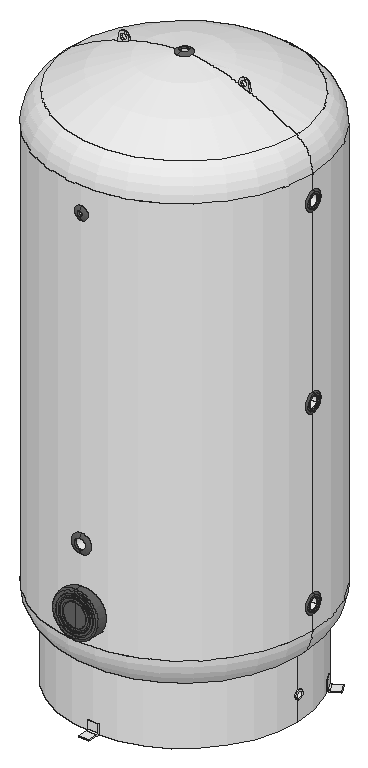
Revit family "MIT 2504 - Accumulation Tank - 2500L", category Specialty Equipment, Revit 2022
Family settings
  Round Connector Dimension = Use Diameter
  Part Type = Normal
  Work Plane-Based = No
  Always vertical = Yes
  Cut with Voids When Loaded = No
  Maintain Annotation Orientation = No
  Shared = No
  Room Calculation Point = No
Parameters
  URL = "https://en.ekinendustriyel.com/accumulation-tanks"
  Model = "MIT - 2504"
  Manufacturer = "Ekin Endüstriyel"
  Keynote = "Accumulation Tank"
  Description = "MIT - Accumulation Tank - 2500L - 10 bar"
  Default Elevation = 0 mm
Reference planes
  plane 1 "Center (Front/Back)": y = 0
  plane 2: z = 0
  plane 3 "Center (Left/Right)": x = 0
Forms (mm)
  Extrusion 1, void
    sketch origin (0, 0, -14.473) x (0, 1, 0) y (0, 0, 1)
      loop
        circle (0, 569.323) r 27.5
      loop
        circle (0, 1468.771) r 27.5
      loop
        circle (0, 2368.086) r 27.5
    from -660.427 to 660
  Extrusion 2, void
    sketch origin (0, 0, -14.473) x (1, 0, 0) y (0, 0, 1)
      loop
        circle (0, 2368.102) r 10.25
      loop
        circle (-0.098, 893.102) r 27.223
    from 574.181 to 649.52
  Sweep 3, solid, material "Ekin Endüstriyel_StainlesSteel", detail levels fine
    path origin (0, 0, -14.473) x (1, 0, 0) y (0, 0, 1)
      loop
        line (573, 138.888) -> (30, 138.888)
        arc (30, 138.888) -> (8.787, 147.675) -> (0, 168.888) r 30
        line (0, 168.888) -> (0, 179.482)
    profile origin (301.5, 0, 124.416) x (0, 0, -1) y (0, -1, 0)
      loop
        circle (0.491, 0) r 19.75
      loop
        circle (0.491, 0) r 16.75
  Extrusion 4, void
    sketch origin (0, 0, -14.473) x (1, 0, 0) y (0, 1, 0)
      loop
        circle (-0.263, 0) r 16.75
    from 2712.932 to 2824.776
  Extrusion 5, solid, material "Ekin Endüstriyel_StainlesSteel", detail levels fine
    sketch origin (0, 0, 352.543) x (1, 0, 0) y (0, 0, 1)
      loop
        circle (-300, 2403.051) r 15
      loop
        arc (-275.38, 2407.392) -> (-300, 2428.051) -> (-324.62, 2407.392) r 25
        line (-324.62, 2407.392) -> (-330.297, 2375.197)
        arc (-330.297, 2375.197) -> (-301.78, 2384.986) -> (-273.031, 2394.074) r 1229.918
        line (-273.031, 2394.074) -> (-275.38, 2407.392)
      loop
        line (330.297, 2375.197) -> (324.62, 2407.392)
        arc (324.62, 2407.392) -> (300, 2428.051) -> (275.38, 2407.392) r 25
        line (275.38, 2407.392) -> (273.031, 2394.074)
        arc (273.031, 2394.074) -> (301.78, 2384.986) -> (330.297, 2375.197) r 1229.918
      loop
        circle (300, 2403.051) r 15
    from -2.5 to 2.5
  Extrusion 6, solid, material "Ekin Endüstriyel_StainlesSteel", detail levels fine
    sketch origin (0.263, -390, -14.473) x (0, 1, 0) y (0, 0, 1)
      loop
        line (-235, 18.473) -> (-235, 14.473) -> (-185, 14.473)
        arc (-185, 14.473) -> (-177.929, 17.402) -> (-175, 24.473) r 10
        line (-175, 24.473) -> (-175, 64.473) -> (-179, 64.473) -> (-179, 24.473)
        arc (-179, 24.473) -> (-180.757, 20.23) -> (-185, 18.473) r 6
        line (-185, 18.473) -> (-235, 18.473)
    from 24.737 to -25.263
  Extrusion 7, solid, material "Ekin Endüstriyel_StainlesSteel", detail levels fine
    sketch origin (337.769, 194.966, -14.473) x (-0.865184, -0.501455, 0) y (0, 0, 1)
      loop
        line (-235, 18.473) -> (-235, 14.473) -> (-185, 14.473)
        arc (-185, 14.473) -> (-177.929, 17.402) -> (-175, 24.473) r 10
        line (-175, 24.473) -> (-175, 64.473) -> (-179, 64.473) -> (-179, 24.473)
        arc (-179, 24.473) -> (-180.757, 20.23) -> (-185, 18.473) r 6
        line (-185, 18.473) -> (-235, 18.473)
    from 24.737 to -25.263
  Extrusion 8, solid, material "Ekin Endüstriyel_StainlesSteel", detail levels fine
    sketch origin (-337.73, 195.034, -14.473) x (0.866864, -0.498545, 0) y (0, 0, 1)
      loop
        line (-235, 18.473) -> (-235, 14.473) -> (-185, 14.473)
        arc (-185, 14.473) -> (-177.929, 17.402) -> (-175, 24.473) r 10
        line (-175, 24.473) -> (-175, 64.473) -> (-179, 64.473) -> (-179, 24.473)
        arc (-179, 24.473) -> (-180.757, 20.23) -> (-185, 18.473) r 6
        line (-185, 18.473) -> (-235, 18.473)
    from 24.737 to -25.263
  Extrusion 9, void
    sketch origin (0, 0, 4.09) x (0, 1, 0) y (0, 0, 1)
      loop
        circle (0, 119.944) r 22
    from 518 to 573
  Revolve 10, solid, material "Ekin Endüstriyel_StainlesSteel", detail levels fine
    sketch origin (0, 0, -14.473) x (1, 0, 0) y (0, 0, 1)
      loop
        line (-562, 14.473) -> (-562, 376.214) -> (-565, 377.968) -> (-565, 14.473) -> (-562, 14.473)
      axis (0, 377.968) -> (0, 14.473)
    angle from 0 to 360
  Extrusion 11, solid, material "Ekin Endüstriyel_Gasket", detail levels medium
    sketch origin (-800, 0, -14.473) x (0, 1, 0) y (0, 0, -1)
      loop
        circle (0, -2368.714) r 47.484
      loop
        circle (0, -1468.771) r 47.484
      loop
        circle (0, -569.964) r 47.484
      loop
        circle (0, -569.323) r 27.5
      loop
        circle (0, -1468.771) r 27.5
      loop
        circle (0, -2368.086) r 27.5
    from -1446.189 to -1441
  Extrusion 12, solid, material "Ekin Endüstriyel_Gasket", detail levels medium
    sketch origin (800, 0, 1531.482) x (1, 0, 0) y (0, 1, 0)
      loop
        circle (-800, 0) r 38.263
      loop
        circle (-800, 0) r 20.238
    from 1262.337 to 1268.821
  Extrusion 13, solid, material "Ekin Endüstriyel_Gasket", detail levels medium
    sketch origin (0, 0, 0) x (1, 0, 0) y (0, 0, 1)
      loop
        circle (0, 878.629) r 47.5
      loop
        circle (0, 2353.629) r 32.5
      loop
        circle (0, 878.629) r 30.25
      loop
        circle (0, 2353.629) r 13.25
    from 641 to 649.52
  Extrusion 14, solid, material "Ekin Endüstriyel_Gasket", detail levels medium
    sketch origin (800, 0, -14.473) x (0, 1, 0) y (0, 0, 1)
      loop
        circle (0, 2368.714) r 47.484
      loop
        circle (0, 1468.771) r 47.484
      loop
        circle (0, 569.964) r 47.484
      loop
        circle (0, 568.102) r 30.25
      loop
        circle (0, 1468.102) r 30.25
      loop
        circle (0, 2368.714) r 27.5
    from -1446.226 to -1441
  Revolve 15, solid, material "Ekin Endüstriyel_StainlesSteel", detail levels medium
    sketch origin (0, 0, -14.473) x (1, 0, 0) y (0, 0, 1)
      loop
        arc (0, 2811.007) -> (-290.215, 2755.751) -> (-558.881, 2632.884) r 1229.918
        arc (-558.881, 2632.884) -> (-618.428, 2570.994) -> (-640.123, 2487.894) r 170
        line (-640.123, 2487.894) -> (-640.123, 448.069)
        arc (-640.123, 448.069) -> (-618.428, 364.969) -> (-558.881, 303.08) r 170
        arc (-558.881, 303.08) -> (-290.215, 180.212) -> (0, 124.957) r 1229.918
        line (0, 124.957) -> (0, 2811.007)
      axis (0, 2811.007) -> (0, 124.957)
    angle from 0 to 360
  Revolve 16, solid, material "Ekin Endüstriyel_Gasket", detail levels fine
    sketch origin (0, -394.1, 273.282) x (0, 1, 0) y (0, 0, 1)
      loop
        line (-220.9, 417.847) -> (-284.233, 416.886)
        arc (-284.233, 416.886) -> (-287.719, 415.395) -> (-289.157, 411.887) r 5
        line (-289.157, 411.887) -> (-289.157, 397.86)
        arc (-289.157, 397.86) -> (-289.59, 396.736) -> (-290.327, 395.783) r 4.164
        arc (-290.327, 395.783) -> (-292.149, 390.728) -> (-290.327, 385.673) r 7.924
        arc (-290.327, 385.673) -> (-289.512, 384.575) -> (-289.097, 383.272) r 4.164
        line (-289.097, 383.272) -> (-289.097, 378.184)
        arc (-289.097, 378.184) -> (-289.512, 376.881) -> (-290.327, 375.783) r 4.164
        arc (-290.327, 375.783) -> (-292.149, 370.728) -> (-290.327, 365.673) r 7.924
        arc (-290.327, 365.673) -> (-289.512, 364.575) -> (-289.097, 363.272) r 4.164
        line (-289.097, 363.272) -> (-289.097, 305.303) -> (-220.9, 305.303) -> (-220.9, 417.847)
      axis (-290.327, 305.303) -> (-220.9, 305.303)
    angle from 0 to 360
  Revolve 17, solid, material "Ekin Endüstriyel_StainlesSteel", detail levels medium
    sketch origin (0, 0, -14.473) x (1, 0, 0) y (0, 0, 1)
      loop
        line (-562, 14.473) -> (-562, 341.246) -> (-565, 343) -> (-565, 14.473) -> (-562, 14.473)
      axis (0, 343) -> (0, 14.473)
    angle from 0 to 360
  Extrusion 18, solid, material "Ekin Endüstriyel_Gasket", detail levels coarse
    sketch origin (-800, 0, -14.473) x (0, 1, 0) y (0, 0, -1)
      loop
        circle (0, -2368.714) r 47.484
      loop
        circle (0, -1468.771) r 47.484
      loop
        circle (0, -569.964) r 47.484
    from -1446.189 to -1441
  Extrusion 19, solid, material "Ekin Endüstriyel_Gasket", detail levels coarse
    sketch origin (800, 0, 1531.482) x (1, 0, 0) y (0, 1, 0)
      loop
        circle (-800, 0) r 38.263
    from 1262.337 to 1268.821
  Extrusion 20, solid, material "Ekin Endüstriyel_Gasket", detail levels coarse
    sketch origin (0, 0, 0) x (1, 0, 0) y (0, 0, 1)
      loop
        circle (0, 878.629) r 47.5
      loop
        circle (0, 2353.629) r 32.5
    from 641 to 649.52
  Extrusion 21, solid, material "Ekin Endüstriyel_Gasket", detail levels coarse
    sketch origin (800, 0, -14.473) x (0, 1, 0) y (0, 0, 1)
      loop
        circle (0, 2368.714) r 47.484
      loop
        circle (0, 1468.771) r 47.484
      loop
        circle (0, 569.964) r 47.484
    from -1446.226 to -1441
  Extrusion 22, solid, material "Ekin Endüstriyel_Gasket", detail levels coarse+medium
    sketch origin (1000, 0, 102.866) x (1, 0, 0) y (0, 0, 1)
      loop
        circle (-1000, 475.764) r 112.5
    from 614.965 to 686.517
  Extrusion 23, solid, material "Ekin Endüstriyel_StainlesSteel", detail levels coarse
    sketch origin (-1000, 0, 0) x (1, 0, 0) y (0, 1, 0)
      loop
        circle (1000, 0) r 565
    from 0 to 234.966
  Extrusion 24, solid, material "Ekin Endüstriyel_StainlesSteel", detail levels coarse
    sketch origin (-1000, 0, 0) x (1, 0, 0) y (0, 1, 0)
      loop
        circle (1000, 0) r 640
    from 234.966 to 2793.82
  Extrusion 25, solid, material "Ekin Endüstriyel_StainlesSteel", detail levels medium
    sketch origin (313, 0, 124.838) x (0, 0, 1) y (0, -1, 0)
      loop
        circle (-0.491, 0) r 16.75
      loop
        circle (-0.491, 0) r 19.75
    from 260 to 252.704
  Extrusion 26, solid, material "Ekin Endüstriyel_StainlesSteel", detail levels coarse
    sketch origin (313, 0, 124.526) x (0, 0, 1) y (0, -1, 0)
      loop
        circle (-0.491, 0) r 19.75
    from 260 to 252.704
  Revolve 27, solid, material "Ekin Endüstriyel_Gasket", detail levels fine
    sketch origin (0, -871.241, 2503.751) x (0, 0, -1) y (0, 1, 0)
      loop
        arc (-297.674, 851.07) -> (-295.84, 841.239) -> (-290.069, 833.071) r 23.397
        line (-290.069, 833.071) -> (-290.069, 851.07) -> (-297.674, 851.07)
      axis (-297.674, 871.288) -> (-290.069, 871.288)
    angle from 0 to 360
  Revolve 28, solid, material "Ekin Endüstriyel_Gasket", detail levels fine
    sketch origin (-0.078, -350.834, 1480.837) x (0, 1, 0) y (0, 0, -1)
      loop
        line (-297.582, -859.339) -> (-290.166, -859.339) -> (-290.166, -840.214)
        arc (-290.166, -840.214) -> (-294.893, -849.381) -> (-297.582, -859.339) r 48.675
      axis (-297.582, -872.792) -> (-290.166, -872.792)
    angle from 0 to 360
  Revolve 29, solid, material "Ekin Endüstriyel_Gasket", detail levels fine
    sketch origin (-0.098, -350.834, -9.182) x (0, 1, 0) y (0, 0, -1)
      loop
        line (-297.764, -860.589) -> (-290.166, -860.589) -> (-290.166, -840.214)
        arc (-290.166, -840.214) -> (-295.117, -849.972) -> (-297.764, -860.589) r 48.675
      axis (-297.764, -887.811) -> (-290.166, -887.811)
    angle from 0 to 360
  Revolve 30, solid, material "Ekin Endüstriyel_Gasket", detail levels fine
    sketch origin (293.863, 0, 556.212) x (-1, 0, 0) y (0, 0, -1)
      loop
        arc (-352.14, -935.3) -> (-349.921, -940.392) -> (-347.137, -945.198) r 48.675
        line (-347.137, -945.198) -> (-347.137, -925.214) -> (-351.175, -925.214)
        arc (-351.175, -925.214) -> (-351.889, -925.492) -> (-352.228, -926.179) r 1.058
        line (-352.228, -926.179) -> (-352.676, -931.301)
        arc (-352.676, -931.301) -> (-352.63, -933.33) -> (-352.14, -935.3) r 9.221
      axis (-352.676, -897.714) -> (-347.137, -897.714)
    angle from 0 to 360
  Revolve 31, solid, material "Ekin Endüstriyel_Gasket", detail levels fine
    sketch origin (293.863, 0, -342.863) x (-1, 0, 0) y (0, 0, -1)
      loop
        arc (-352.14, -935.3) -> (-349.921, -940.392) -> (-347.137, -945.198) r 48.675
        line (-347.137, -945.198) -> (-347.137, -925.214) -> (-351.175, -925.214)
        arc (-351.175, -925.214) -> (-351.889, -925.492) -> (-352.228, -926.179) r 1.058
        line (-352.228, -926.179) -> (-352.676, -931.301)
        arc (-352.676, -931.301) -> (-352.63, -933.33) -> (-352.14, -935.3) r 9.221
      axis (-352.676, -897.714) -> (-347.137, -897.714)
    angle from 0 to 360
  Revolve 32, solid, material "Ekin Endüstriyel_Gasket", detail levels fine
    sketch origin (293.863, 0, 1455.9) x (-1, 0, 0) y (0, 0, -1)
      loop
        arc (-352.14, -935.3) -> (-349.921, -940.392) -> (-347.137, -945.198) r 48.675
        line (-347.137, -945.198) -> (-347.137, -925.214) -> (-351.175, -925.214)
        arc (-351.175, -925.214) -> (-351.889, -925.492) -> (-352.228, -926.179) r 1.058
        line (-352.228, -926.179) -> (-352.676, -931.301)
        arc (-352.676, -931.301) -> (-352.63, -933.33) -> (-352.14, -935.3) r 9.221
      axis (-352.676, -897.714) -> (-347.137, -897.714)
    angle from 0 to 360
  Revolve 33, solid, material "Ekin Endüstriyel_Gasket", detail levels fine
    sketch origin (-293.863, 0, 556.584) x (1, 0, 0) y (0, 0, 1)
      loop
        arc (-352.14, 935.3) -> (-352.63, 933.33) -> (-352.676, 931.301) r 9.221
        line (-352.676, 931.301) -> (-352.228, 926.179)
        arc (-352.228, 926.179) -> (-351.889, 925.492) -> (-351.175, 925.214) r 1.058
        line (-351.175, 925.214) -> (-347.137, 925.214) -> (-347.137, 945.198)
        arc (-347.137, 945.198) -> (-349.921, 940.392) -> (-352.14, 935.3) r 48.675
      axis (-352.676, 897.714) -> (-347.137, 897.714)
    angle from 0 to 360
  Revolve 34, solid, material "Ekin Endüstriyel_Gasket", detail levels fine
    sketch origin (-293.863, 0, -342.223) x (1, 0, 0) y (0, 0, 1)
      loop
        arc (-352.14, 935.3) -> (-352.63, 933.33) -> (-352.676, 931.301) r 9.221
        line (-352.676, 931.301) -> (-352.228, 926.179)
        arc (-352.228, 926.179) -> (-351.889, 925.492) -> (-351.175, 925.214) r 1.058
        line (-351.175, 925.214) -> (-347.137, 925.214) -> (-347.137, 945.198)
        arc (-347.137, 945.198) -> (-349.921, 940.392) -> (-352.14, 935.3) r 48.675
      axis (-352.676, 897.714) -> (-347.137, 897.714)
    angle from 0 to 360
  Revolve 35, solid, material "Ekin Endüstriyel_Gasket", detail levels fine
    sketch origin (-293.863, 0, 1456.527) x (1, 0, 0) y (0, 0, 1)
      loop
        arc (-352.14, 935.3) -> (-352.63, 933.33) -> (-352.676, 931.301) r 9.221
        line (-352.676, 931.301) -> (-352.228, 926.179)
        arc (-352.228, 926.179) -> (-351.889, 925.492) -> (-351.175, 925.214) r 1.058
        line (-351.175, 925.214) -> (-347.137, 925.214) -> (-347.137, 945.198)
        arc (-347.137, 945.198) -> (-349.921, 940.392) -> (-352.14, 935.3) r 48.675
      axis (-352.676, 897.714) -> (-347.137, 897.714)
    angle from 0 to 360
  Revolve 36, solid, material "Ekin Endüstriyel_StainlesSteel", detail levels fine
    sketch origin (0, 0, -14.473) x (1, 0, 0) y (0, 0, 1)
      loop
        arc (-558.881, 2632.884) -> (-618.428, 2570.994) -> (-640.123, 2487.894) r 170
        line (-640.123, 2487.894) -> (-640.123, 448.069)
        arc (-640.123, 448.069) -> (-618.428, 364.969) -> (-558.881, 303.08) r 170
        arc (-558.881, 303.08) -> (-290.215, 180.212) -> (0, 124.957) r 1229.918
        line (0, 124.957) -> (0, 175.076)
        arc (0, 175.076) -> (-276.648, 228.368) -> (-532.776, 345.724) r 1179.918
        arc (-532.776, 345.724) -> (-574.809, 389.411) -> (-590.123, 448.069) r 120
        line (-590.123, 448.069) -> (-590.123, 2487.894)
        arc (-590.123, 2487.894) -> (-574.809, 2546.553) -> (-532.776, 2590.24) r 120
        arc (-532.776, 2590.24) -> (-276.648, 2707.596) -> (0, 2760.887) r 1179.918
        line (0, 2760.887) -> (0, 2811.007)
        arc (0, 2811.007) -> (-290.215, 2755.751) -> (-558.881, 2632.884) r 1229.918
      axis (0, 2811.007) -> (0, 124.957)
    angle from 0 to 360
  Revolve 37, solid, material "Ekin Endüstriyel_StainlesSteel", detail levels fine
    sketch origin (0, 0, -14.473) x (1, 0, 0) y (0, 0, 1)
      loop
        line (0, 2754.872) -> (0, 2760.887)
        arc (0, 2760.887) -> (-276.648, 2707.596) -> (-532.776, 2590.24) r 1179.918
        arc (-532.776, 2590.24) -> (-574.809, 2546.553) -> (-590.123, 2487.894) r 120
        line (-590.123, 2487.894) -> (-590.123, 448.069)
        arc (-590.123, 448.069) -> (-574.809, 389.411) -> (-532.776, 345.724) r 120
        arc (-532.776, 345.724) -> (-276.648, 228.368) -> (0, 175.076) r 1179.918
        line (0, 175.076) -> (0, 181.091)
        arc (0, 181.091) -> (-275.02, 234.146) -> (-529.643, 350.841) r 1173.918
        arc (-529.643, 350.841) -> (-569.575, 392.344) -> (-584.123, 448.069) r 114
        line (-584.123, 448.069) -> (-584.123, 2487.894)
        arc (-584.123, 2487.894) -> (-569.575, 2543.62) -> (-529.643, 2585.122) r 114
        arc (-529.643, 2585.122) -> (-275.02, 2701.817) -> (0, 2754.872) r 1173.918
      axis (0, 2760.887) -> (0, 175.076)
    angle from 0 to 360
Cuts and joins
  joined: Extrusion 23, Extrusion 24
  joined: Revolve 15, Revolve 17, Extrusion 25
  Extrusion 9 cuts Revolve 10
  Extrusion 1, Extrusion 4 cuts Revolve 37
  joined: Sweep 3, Revolve 10, Revolve 37
  Extrusion 1, Extrusion 2, Extrusion 4 cuts Revolve 36
Dimensions and locks
  aligned and locked: level to plane 2
Connectors
  piping at (-646.226, 0, 2354.241), diameter 50.8
    settings: on Extrusion 14, index 1, connector inside diameter 609.6 mm, connector length 0 mm, flow factor 0, pipe flow 0.0 L/s, pressure drop 0.0 Pa, fitting loss kfactor 0, connector angle 0.00°, fixture units 0, engagement length 0 mm, angle of deflection 0.00°, flow configuration 0, flow direction 2, fitting loss method 0, system type 7, joint type 0, gender type 0, connector reference index -1, connector utility 0, adjustable connector no, is connector primary yes, connector description ""
  piping at (-646.226, 0, 1454.298), diameter 50.8
    settings: on Extrusion 14, index 2, connector inside diameter 609.6 mm, connector length 0 mm, flow factor 0, pipe flow 0.0 L/s, pressure drop 0.0 Pa, fitting loss kfactor 0, connector angle 0.00°, fixture units 0, engagement length 0 mm, angle of deflection 0.00°, flow configuration 0, flow direction 0, fitting loss method 0, system type 7, joint type 0, gender type 0, connector reference index -1, connector utility 0, adjustable connector no, is connector primary no, connector description ""
  piping at (-646.226, 0, 555.491), diameter 50.8
    settings: on Extrusion 14, index 3, connector inside diameter 609.6 mm, connector length 0 mm, flow factor 0, pipe flow 0.0 L/s, pressure drop 0.0 Pa, fitting loss kfactor 0, connector angle 0.00°, fixture units 0, engagement length 0 mm, angle of deflection 0.00°, flow configuration 0, flow direction 1, fitting loss method 0, system type 7, joint type 0, gender type 0, connector reference index -1, connector utility 0, adjustable connector no, is connector primary no, connector description ""
  piping at (646.189, 0, 2354.241), diameter 50.8
    settings: on Extrusion 11, index 4, connector inside diameter 609.6 mm, connector length 0 mm, flow factor 0, pipe flow 0.0 L/s, pressure drop 0.0 Pa, fitting loss kfactor 0, connector angle 0.00°, fixture units 0, engagement length 0 mm, angle of deflection 0.00°, flow configuration 0, flow direction 2, fitting loss method 0, system type 7, joint type 0, gender type 0, connector reference index -1, connector utility 0, adjustable connector no, is connector primary no, connector description ""
  piping at (646.189, 0, 1454.298), diameter 50.8
    settings: on Extrusion 11, index 5, connector inside diameter 609.6 mm, connector length 0 mm, flow factor 0, pipe flow 0.0 L/s, pressure drop 0.0 Pa, fitting loss kfactor 0, connector angle 0.00°, fixture units 0, engagement length 0 mm, angle of deflection 0.00°, flow configuration 0, flow direction 0, fitting loss method 0, system type 7, joint type 0, gender type 0, connector reference index -1, connector utility 0, adjustable connector no, is connector primary no, connector description ""
  piping at (646.189, 0, 555.491), diameter 50.8
    settings: on Extrusion 11, index 6, connector inside diameter 609.6 mm, connector length 0 mm, flow factor 0, pipe flow 0.0 L/s, pressure drop 0.0 Pa, fitting loss kfactor 0, connector angle 0.00°, fixture units 0, engagement length 0 mm, angle of deflection 0.00°, flow configuration 0, flow direction 1, fitting loss method 0, system type 7, joint type 0, gender type 0, connector reference index -1, connector utility 0, adjustable connector no, is connector primary no, connector description ""
  piping at (0, -649.52, 2353.629), diameter 12.7
    settings: on Extrusion 13, index 7, connector inside diameter 609.6 mm, connector length 0 mm, flow factor 0, pipe flow 0.0 L/s, pressure drop 0.0 Pa, fitting loss kfactor 0, connector angle 0.00°, fixture units 0, engagement length 0 mm, angle of deflection 0.00°, flow configuration 0, flow direction 0, fitting loss method 0, system type 7, joint type 0, gender type 0, connector reference index -1, connector utility 0, adjustable connector no, is connector primary no, connector description ""
  piping at (0, -649.52, 878.629), diameter 50.8
    settings: on Extrusion 13, index 8, connector inside diameter 609.6 mm, connector length 0 mm, flow factor 0, pipe flow 0.0 L/s, pressure drop 0.0 Pa, fitting loss kfactor 0, connector angle 0.00°, fixture units 0, engagement length 0 mm, angle of deflection 0.00°, flow configuration 0, flow direction 0, fitting loss method 0, system type 7, joint type 0, gender type 0, connector reference index -1, connector utility 0, adjustable connector no, is connector primary no, connector description ""
  cabletrayconduit at (0, 0, 2800.303), diameter 25.4
    settings: on Extrusion 12, index 9, connector width 300 mm, connector height 300 mm, connector angle 0.00°, system type 32, placement type 0, profile type 0, connector reference index -1, is primary connector yes, connector utility param no, connector description ""
  piping at (0, -686.517, 578.629), diameter 127
    settings: on Extrusion 22, index 11, connector inside diameter 609.6 mm, connector length 0 mm, flow factor 0, pipe flow 0.0 L/s, pressure drop 0.0 Pa, fitting loss kfactor 0, connector angle 0.00°, fixture units 0, engagement length 0 mm, angle of deflection 0.00°, flow configuration 0, flow direction 2, fitting loss method 0, system type 7, joint type 0, gender type 0, connector reference index -1, connector utility 0, adjustable connector no, is connector primary no, connector description ""
  piping at (573, 0, 124.347), diameter 25.4
    settings: on cut or joined group of Revolve 15, Revolve 17, Extrusion 25, index 12, connector inside diameter 609.6 mm, connector length 0 mm, flow factor 0, pipe flow 0.0 L/s, pressure drop 0.0 Pa, fitting loss kfactor 0, connector angle 0.00°, fixture units 0, engagement length 0 mm, angle of deflection 0.00°, flow configuration 0, flow direction 2, fitting loss method 0, system type 7, joint type 0, gender type 0, connector reference index -1, connector utility 0, adjustable connector no, is connector primary no, connector description ""
